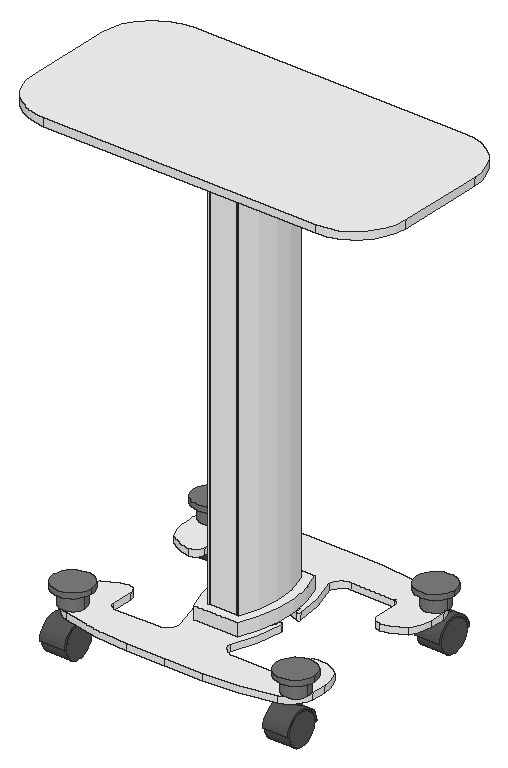
Revit family "Legrand Mini Colonnes clippage direct", category Installations électriques, Revit 2020
Family settings
  Conserver l'orientation des annotations = Non
  Cote de connecteur circulaire = Utiliser le diamètre
  Type d'élément = Normal
  Basée sur le plan de construction = Non
  Toujours verticalement = Oui
  Couper avec des vides une fois chargée = Non
  Partagée = Non
  Point de calcul de pièce = Non
Parameters (values of type "Roll&Plug 2 cpts 0,68M Blanc")
  Visibility Control Table [instance] = and(Tablette, not([4 CPT]))  # yes
  Visibility Control Stand [instance] = and(or(Pieds, Visibility Control Casters), not(Black), not([4 CPT]))  # yes
  Visibility Control Casters [instance] = and(Option Jeux de roulettes, not(Black), not([4 CPT]))  # yes
  Séparateur = if([4 CPT], 125 mm, 34.7 mm)  # 34.7 mm
  Standard = "A clippage direct-ON"
  Offset [instance] = if(Visibility Control Casters, 68 mm, if(Visibility Control Stand, 10 mm, 0 mm))  # 68 mm
  Nombre de compartiments = "2 compartiments"
  Modèle = "LG-653029"
  Matériaux corps = Legrand - Aluminium blanc
  Matériau principal = "Aluminium"
  Matériau couvercle = Legrand - Plastique blanc
  Longueur = if([1 CPT], 82 mm, 125 mm)  # 125 mm
  Largeur = if([4 CPT], 125 mm, 75 mm)  # 75 mm
  Tablette [instance] = yes
  Pieds [instance] = yes
  Option Jeux de roulettes [instance] = yes
  H1 = 680 mm
  HC = H1 - 40 mm  # 640 mm
  Finition = "Blanc"
  Fabricant = "LEGRAND"
  Elévation par défaut = 0 mm
  Description = "roll and plug 2 cpts 0,68m  table Blanc pied roulettes 6pc double usb 4m cordon"
  Column stand = Pied mobile : Pied pour Colonnettes Blanc
  Black = no
  4 CPT = no
  2 CPT = yes
  1 CPT = no
Types (13, lengths in mm): name | Visibility Control Table | Visibility Control Stand | Visibility Control Casters | Séparateur | Offset | Nombre de compartiments | Modèle | Matériaux corps | Matériau principal | Matériau couvercle | Longueur | Largeur | Tablette | Pieds | Option Jeux de roulettes | H1 | HC | Finition | Description | Column stand | Black | 4 CPT | 2 CPT | 1 CPT
  Colonnette 1 cpt 45 0,30M BL | no | no | no | 34.7 | 0 | "1 compartiment" | "LG-653000" | Legrand - Aluminium blanc | "Aluminium" | Legrand - Plastique blanc | 82 | 75 | no | no | no | 300 | 260 | "Blanc" | "Colonnette a clippage direct 1 compartiment 0,30m Blanc" | Pied mobile : Pied pour Colonnettes Blanc | no | no | no | yes
  Colonnette 1 cpt 45 0,30M Noir | no | no | no | 34.7 | 0 | "1 compartiment" | "LG_653002" | Legrand - Aluminium noir | "Aluminium" | Legrand - Plastique noir | 82 | 75 | no | no | no | 300 | 260 | "Noir" | "Colonnette a clippage direct 1 compartiment 0,30m Noir" | Tablette : Table pour Colonnettes T1/2 | yes | no | no | yes
  Colonnette 1 cpt 45 0,68M BL | no | no | no | 34.7 | 0 | "1 compartiment" | "LG-653003" | Legrand - Aluminium blanc | "Aluminium" | Legrand - Plastique blanc | 82 | 75 | no | no | no | 680 | 640 | "Blanc" | "Colonnette a clippage direct 1 compartiment 0,68m Blanc" | Pied mobile : Pied pour Colonnettes Blanc | no | no | no | yes
  Colonnette 1 cpt 45 0,68M Noir | no | no | no | 34.7 | 0 | "1 compartiment" | "LG-653005" | Legrand - Aluminium noir | "Aluminium" | Legrand - Plastique noir | 82 | 75 | no | no | no | 680 | 640 | "Noir" | "Colonnette a clippage direct 1 compartiment 0,68m Noir" | Tablette : Table pour Colonnettes T1/2 | yes | no | no | yes
  Colonnette 2 cpts 45 0,3M BL | no | no | no | 34.7 | 0 | "2 compartiments" | "LG-653020" | Legrand - Plastique blanc | "Plastique" | Legrand - Plastique blanc | 125 | 75 | no | no | no | 300 | 260 | "Blanc" | "Colonnette a clippage direct 2 compartiments 0,30m Blanc" | Pied mobile : Pied pour Colonnettes Blanc | no | no | yes | no
  Colonnette 2 cpts 45 0,3M Noir | no | no | no | 34.7 | 0 | "2 compartiments" | "LG-653022" | Legrand - Aluminium noir | "Aluminium" | Legrand - Plastique noir | 125 | 75 | no | no | no | 300 | 260 | "Noir" | "Colonnette a clippage direct 2 compartiments 0,30m Noir" | Tablette : Table pour Colonnettes T1/2 | yes | no | yes | no
  Colonnette 2 cpts 45 0,68M Blanc | no | no | no | 34.7 | 0 | "2 compartiments" | "LG-653023" | Legrand - Aluminium blanc | "Aluminium" | Legrand - Plastique blanc | 125 | 75 | no | no | no | 380 | 340 | "Blanc" | "Colonnette a clippage direct 2 compartiments 0,68m Blanc" | Pied mobile : Pied pour Colonnettes Blanc | no | no | yes | no
  Colonnette 2 cpt 45 0,68M Noir | no | no | no | 34.7 | 0 | "2 compartiments" | "LG-653025" | Legrand - Aluminium noir | "Aluminium" | Legrand - Plastique noir | 125 | 75 | no | no | no | 680 | 640 | "Noir" | "Colonnette a clippage direct 2 compartiments 0,68m Noir" | Tablette : Table pour Colonnettes T1/2 | yes | no | yes | no
  Colonnette 4 cpts 45 0,30M Blanc | no | no | no | 125 | 0 | "4 compartiments" | "LG-653040" | Legrand - Aluminium blanc | "Aluminium" | Legrand - Plastique blanc | 125 | 125 | no | no | no | 300 | 260 | "Blanc" | "Colonnette a clippage direct 4 compartiments 0,30m Blanc" | Pied mobile : Pied pour Colonnettes Blanc | no | yes | no | no
  Colonnette 4 cpts 45 0,30M Noir | no | no | no | 125 | 0 | "4 compartiments" | "LG-653042" | Legrand - Aluminium noir | "Aluminium" | Legrand - Plastique noir | 125 | 125 | no | no | no | 300 | 260 | "Noir" | "Colonnette a clippage direct 4 compartiments 0,30m Noir" | Tablette : Table pour Colonnettes T1/2 | yes | yes | no | no
  Colonnette 4 cpt 45 0,68M Noir | no | no | no | 125 | 0 | "4 compartiments" | "LG-653045" | Legrand - Aluminium noir | "Aluminium" | Legrand - Plastique noir | 125 | 125 | no | no | no | 680 | 640 | "Noir" | "Colonnette a clippage direct 4 compartiments 0,68m Noir" | Tablette : Table pour Colonnettes T1/2 | yes | yes | no | no
  Colonnette 4 cpts 45 0,68M BL | no | no | no | 125 | 0 | "4 compartiments" | "LG-653043" | Legrand - Aluminium blanc | "Aluminium" | Legrand - Plastique blanc | 125 | 125 | no | no | no | 680 | 640 | "Blanc" | "Colonnette a clippage direct 4 compartiments 0,68m Blanc" | Pied mobile : Pied pour Colonnettes Blanc | no | yes | no | no
  Roll&Plug 2 cpts 0,68M Blanc | yes | yes | yes | 34.7 | 68 | "2 compartiments" | "LG-653029" | Legrand - Aluminium blanc | "Aluminium" | Legrand - Plastique blanc | 125 | 75 | yes | yes | yes | 680 | 640 | "Blanc" | "roll and plug 2 cpts 0,68m  table Blanc pied roulettes 6pc double usb 4m cordon" | Pied mobile : Pied pour Colonnettes Blanc | no | no | yes | no
Reference planes
  plane 1 "Centre (avant/arrière)": y = 0
  plane 2: z = 68
  plane 3 "Centre (gauche/droite)": x = 0
  plane 4: z = 748
  plane 5: x = 37.5
  plane 6: x = -37.5
  plane 7: y = 62.5
  plane 8: y = -62.5
  plane 9: x = -22.539
  plane 10: x = 22.539
  plane 11 "Bas Corps": z = 88
  plane 12 "Haut corps": z = 728
  plane 13: z = 0
  plane 14 "Connecteur": z = 408
Forms (mm)
  Extrusion 1, solid, material "Legrand - Aluminium blanc" <- "Matériaux corps"
    sketch origin (0, 0, 88) x (-1, 0, 0) y (0, -1, 0)
      loop
        arc (25.639, -62.5) -> (37.5, 0) -> (25.639, 62.5) r 170.6
        line (25.639, 62.5) -> (22.539, 62.5) -> (22.539, 17.358) -> (2.539, 17.358) -> (2.539, -17.358) -> (22.539, -17.358) -> (22.539, -62.5) -> (25.639, -62.5)
      loop
        arc (-25.639, 62.5) -> (-37.5, 0) -> (-25.639, -62.5) r 170.6
        line (-25.639, -62.5) -> (-22.539, -62.5) -> (-22.539, -17.358) -> (-2.539, -17.358) -> (-2.539, 17.358) -> (-22.539, 17.358) -> (-22.539, 62.5) -> (-25.639, 62.5)
    from 0 to 640 <- "HC"
  Extrusion 2, solid, material "Legrand - Aluminium blanc" <- "Matériaux corps"
    sketch origin (0, 0, 88) x (-1, 0, 0) y (0, -1, 0)
      loop
        line (2.55, -17.35) -> (2.55, 17.35) -> (-2.55, 17.35) -> (-2.55, -17.35) -> (2.55, -17.35)
    from 0 to 640 <- "HC"
  Extrusion 3, solid, material "Legrand - Plastique blanc" <- "Matériau couvercle"
    sketch origin (0, 0, 0) x (1, 0, 0) y (0, 1, 0)
      loop
        arc (-35.545, 77.5) -> (-52.5, 0) -> (-35.545, -77.5) r 185.6
        line (-35.545, -77.5) -> (35.545, -77.5)
        arc (35.545, -77.5) -> (52.5, 0) -> (35.545, 77.5) r 185.6
        line (35.545, 77.5) -> (-35.545, 77.5)
    from 68 to 88
  Extrusion 4, solid, material "Legrand - Plastique blanc" <- "Matériau couvercle"
    sketch origin (0, 0, 728) x (-1, 0, 0) y (0, -1, 0)
      loop
        arc (26.995, -64.5) -> (39.5, 0) -> (26.995, 64.5) r 172.6
        line (26.995, 64.5) -> (-26.995, 64.5)
        arc (-26.995, 64.5) -> (-39.5, 0) -> (-26.995, -64.5) r 172.6
        line (-26.995, -64.5) -> (26.995, -64.5)
    from 0 to 20
Cuts and joins
  joined: Extrusion 1, Extrusion 2
Dimensions and locks
  "H1": plane 4 to plane 2
  equal spacing: plane 7, plane 1 "Centre (avant/arrière)", plane 8
  equal spacing: plane 6, plane 3 "Centre (gauche/droite)", plane 5
  "Largeur": plane 6 to plane 5
  "Longueur": plane 7 to plane 8
  locked: plane 6 to plane 9 at 14.961
  locked: plane 10 to plane 5 at 14.961
  locked: Extrusion 1 sketch curve to plane 9 at 14.961
  locked: plane 10 to Extrusion 1 sketch curve at 14.961
  Extrusion 1 sketch curve to plane 1 "Centre (avant/arrière)" to Extrusion 1 sketch curve = 17.358 mm locked, 17.358 mm locked
  equal spacing: Extrusion 2 sketch curve, plane 3 "Centre (gauche/droite)", Extrusion 2 sketch curve
  equal spacing: Extrusion 2 sketch curve, plane 1 "Centre (avant/arrière)", Extrusion 2 sketch curve
  "Séparateur": Extrusion 2 sketch curve to Extrusion 2 sketch curve
  locked: Extrusion 2 sketch curve to Extrusion 2 sketch curve at 5.1
  locked: plane 11 "Bas Corps" to plane 2 at 20
  locked: plane 4 to plane 12 "Haut corps" at 20
  locked: Extrusion 3 sketch curve to plane 6 at 15
  Extrusion 3 sketch curve to plane 7 = 15 mm
  locked: Extrusion 3 sketch curve to plane 8 at 15
  locked: plane 5 to Extrusion 3 sketch curve at 15
  locked: Extrusion 4 sketch curve to plane 6 at 2
  locked: plane 5 to Extrusion 4 sketch curve at 2
  locked: Extrusion 4 sketch curve to plane 7 at 2
  locked: plane 8 to Extrusion 4 sketch curve at 2
  "Offset": plane 2 to plane 13
  equal spacing: plane 4, plane 14 "Connecteur", plane 2
  radius of Extrusion 1 sketch curve = 170.6 mm  (x2)
  radius of Extrusion 3 sketch curve = 185.6 mm  (x2)
  radius of Extrusion 4 sketch curve = 172.6 mm  (x2)
  aligned and locked: Extrusion 1 sketch curve to plane 7  (x2)
  aligned and locked: plane 8 to Extrusion 1 sketch curve  (x2)
  aligned and locked: plane 9 to Extrusion 1 sketch curve
  aligned and locked: plane 10 to Extrusion 1 sketch curve
  aligned and locked: nested 1 to Extrusion 1
  aligned and locked: nested 1 to plane 7
  aligned and locked: Extrusion 1 to nested 1
  aligned and locked: nested 2 to plane 7
  aligned and locked: nested 2 to Extrusion 1  (x2)
  aligned and locked: nested 3 to Extrusion 1  (x2)
  aligned and locked: plane 8 to nested 3
  aligned and locked: plane 8 to nested 4
  aligned and locked: nested 4 to Extrusion 1
  aligned and locked: nested 4 to nested 3
  aligned and locked: nested 4 to plane 11 "Bas Corps"
  aligned and locked: nested 3 to plane 11 "Bas Corps"
  aligned and locked: nested 2 to plane 11 "Bas Corps"
  aligned and locked: nested 1 to plane 11 "Bas Corps"
  aligned and locked: plane 11 "Bas Corps" to Extrusion 3
  aligned and locked: plane 4 to Extrusion 4
  aligned and locked: Extrusion 3 to plane 2
  aligned and locked: level to plane 13
Automatic sketch dimensions
  Extrusion 1 sketch curve to plane 10 = 0 mm
  Extrusion 1 sketch curve to plane 9 = 0 mm
  plane 1 "Centre (avant/arrière)" to Extrusion 1 sketch curve = 0 mm  (x2)
  plane 3 "Centre (gauche/droite)" to Extrusion 1 sketch curve = 2.539 mm
  Extrusion 1 sketch curve to plane 3 "Centre (gauche/droite)" = 2.539 mm
  Extrusion 1 sketch curve to plane 1 "Centre (avant/arrière)" = 17.358 mm
  plane 1 "Centre (avant/arrière)" to Extrusion 1 sketch curve = 17.358 mm
  plane 1 "Centre (avant/arrière)" to Extrusion 3 sketch curve = 0 mm  (x2)
  plane 1 "Centre (avant/arrière)" to Extrusion 4 sketch curve = 0 mm  (x2)
Nested families
  nested 1: "Couvercles de Colonne" at (-22.539, 62.5, 88), H1 <- "HC", Matériau <- "Matériau couvercle", type "Couvercles de Colonne"
    with Matériau Legrand - Plastique blanc, L1 45.142 mm, H1 640 mm
  nested 2: "Couvercles de Colonne" at (-22.461, 62.5, 88), visible <- "4 CPT", H1 <- "HC", Matériau <- "Matériau couvercle", type "Couvercles de Colonne"
    with Matériau Legrand - Plastique blanc, L1 45.142 mm, H1 640 mm
  nested 3: "Couvercles de Colonne" at (-22.461, -17.358, 88), visible <- "4 CPT", H1 <- "HC", Matériau <- "Matériau couvercle", type "Couvercles de Colonne"
    with Matériau Legrand - Plastique blanc, L1 45.142 mm, H1 640 mm
  nested 4: "Couvercles de Colonne" at (-22.539, -17.358, 88), H1 <- "HC", Matériau <- "Matériau couvercle", type "Couvercles de Colonne"
    with Matériau Legrand - Plastique blanc, L1 45.142 mm, H1 640 mm
  nested 5: "Tablette" at (0, 0, 748), visible <- "Visibility Control Table", type "Table pour Colonnettes T1/2"
  nested 6: "Pied mobile" at (0.11, -0.11, 68) x (0, -1, 0) z (0, 0, -1), type <- "Column stand", visible <- "Visibility Control Stand", type "Pied pour Colonnettes Blanc"
  nested 7: "Roulette" at (-180.073, -153.848, 0) x (-1, 0, 0) z (0, 0, 1), visible <- "Visibility Control Casters", type "4 roulettes et range cordon"
  nested 8: "Roulette" at (180.073, -153.848, 0) x (-1, 0, 0) z (0, 0, 1), visible <- "Visibility Control Casters", type "4 roulettes et range cordon"
  nested 9: "Roulette" at (-180.073, 153.629, 0) x (-1, 0, 0) z (0, 0, 1), visible <- "Visibility Control Casters", type "4 roulettes et range cordon"
  nested 10: "Roulette" at (180.073, 153.629, 0) x (-1, 0, 0) z (0, 0, 1), visible <- "Visibility Control Casters", type "4 roulettes et range cordon"
Connectors
  electrical at (0, 0, 408)
    settings: index 1, voltage 0 V, apparent load 0 VA, apparent load phase1 0 VA, apparent load phase2 0 VA, apparent load phase3 0 VA, power factor 1, load classification "Autre", number of poles 1, system type 31, power factor state 1, is connector primary yes, connector utility no, sub classification motor no, connector description ""
Definition of nested family "Couvercles de Colonne"
  Parameters (values of type "IDS_COLUMN_COVER")
    Matériau [instance] = none
    L1 [instance] = 187.766 mm
    H1 [instance] = 2660 mm
    Default Elevation = 0 mm
  Reference planes
    plane 1 "Centre (avant/arrière)": y = 0
    plane 2: z = 0
    plane 3 "Centre (gauche/droite)": x = 0
    plane 4: x = 45
    plane 5: y = -187.766
    plane 6: z = 2660
  Forms (mm)
    Extrusion 1, solid, material <- "Matériau"
      sketch origin (0, 0, 0) x (1, 0, 0) y (0, 1, 0)
        loop
          line (0, 0) -> (0, -187.766) -> (45, -187.766) -> (45, 0) -> (0, 0)
      from 0 to 2660
  Dimensions and locks
    plane 3 "Centre (gauche/droite)" to plane 4 = 45 mm
    "L1": plane 5 to plane 1 "Centre (avant/arrière)"
    "H1": plane 6 to plane 2
    aligned and locked: level to plane 2
    aligned and locked: plane 6 to Extrusion 1
  Automatic sketch dimensions
    Extrusion 1 sketch curve to plane 3 "Centre (gauche/droite)" = 0 mm
    Extrusion 1 sketch curve to plane 4 = 0 mm
    Extrusion 1 sketch curve to plane 5 = 0 mm
    plane 1 "Centre (avant/arrière)" to Extrusion 1 sketch curve = 0 mm
Definition of nested family "Tablette"
  Parameters (values of type "IDS_653084")
    Model = "LG-653084"
    Manufacturer = "LEGRAND"
    Default Elevation = 1219.2 mm
    Description = "IDS_DESCRITPION_LG-653084"
  Reference planes
    plane 1 "Centre (avant/arrière)": y = 0
    plane 2: z = 0
    plane 3 "Centre (gauche/droite)": x = 0
  Forms (mm)
    Extrusion 1, solid
      sketch origin (0, 0, 0) x (1, 0, 0) y (0, 1, 0)
        loop
          line (-1219.2, 1219.2) -> (-1219.2, -1219.2) -> (1219.2, -1219.2) -> (1219.2, 1219.2) -> (-1219.2, 1219.2)
      from 0 to -304.8
    Extrusion 2, solid
      sketch origin (0, 0, 0) x (1, 0, 0) y (0, 1, 0)
        loop
          arc (-220, 150) -> (-276.569, 126.569) -> (-300, 70) r 80
          line (-300, 70) -> (-300, -70)
          arc (-300, -70) -> (-276.569, -126.569) -> (-220, -150) r 80
          line (-220, -150) -> (220, -150)
          arc (220, -150) -> (276.569, -126.569) -> (300, -70) r 80
          line (300, -70) -> (300, 70)
          arc (300, 70) -> (276.569, 126.569) -> (220, 150) r 80
          line (220, 150) -> (-220, 150)
      from 0 to 12
  Dimensions and locks
    Extrusion 2 to Extrusion 2 = 600 mm
    Extrusion 2 to Extrusion 2 = 300 mm
    aligned and locked: plane 2 to Extrusion 1
    aligned and locked: level to Extrusion 1
Definition of nested family "Pied mobile"
  Parameters (values of type "IDS_653087")
    Materiau = none
    Default Elevation = 1219.2 mm
  Types (3): name
    (no name)
    IDS_653086
    IDS_653087
  Reference planes
    plane 1 "Centre (avant/arrière)": y = 0
    plane 2: z = 0
    plane 3 "Centre (gauche/droite)": x = 0
    plane 4: y = -200
    plane 5: y = 200
    plane 6: x = -180
    plane 7: x = 180
  Forms (mm)
    Extrusion 1, solid
      sketch origin (0, 0, 0) x (1, 0, 0) y (0, 1, 0)
        loop
          line (-1219.2, 1219.2) -> (-1219.2, -1219.2) -> (1219.2, -1219.2) -> (1219.2, 1219.2) -> (-1219.2, 1219.2)
      from 0 to -304.8
    Extrusion 2, solid, material <- "Materiau"
      sketch origin (0, 0, 0) x (1, 0, 0) y (0, 1, 0)
        loop
          line (-180, 0) -> (-180, -61.189)
          arc (-180, -61.189) -> (-175.417, -115.996) -> (-165, -170) r 513.701
          arc (-165, -170) -> (-153.071, -189.987) -> (-132.058, -200) r 40.162
          line (-132.058, -200) -> (-107.825, -200)
          arc (-107.825, -200) -> (-90.864, -196.802) -> (-75, -190) r 79.091
          arc (-75, -190) -> (-65.429, -173.295) -> (-60.467, -154.692) r 74.359
          arc (-60.467, -154.692) -> (-64.771, -144.303) -> (-75.16, -140) r 14.692
          line (-75.16, -140) -> (-110, -140)
          arc (-110, -140) -> (-117.071, -137.071) -> (-120, -130) r 10
          line (-120, -130) -> (-120, -60.561)
          arc (-120, -60.561) -> (-114.142, -46.419) -> (-100, -40.561) r 20
          arc (-100, -40.561) -> (-60.66, -53.386) -> (-19.784, -59.807) r 260
          arc (-19.784, -59.807) -> (-16.958, -58.636) -> (-16.06, -55.711) r 3.591
          line (-16.06, -55.711) -> (-31.638, -12.913)
          arc (-31.638, -12.913) -> (-29.417, -0.22) -> (-17.905, 5.568) r 14.343
          line (-17.905, 5.568) -> (17.905, 5.568)
          arc (17.905, 5.568) -> (29.417, -0.22) -> (31.638, -12.913) r 14.343
          line (31.638, -12.913) -> (16.06, -55.711)
          arc (16.06, -55.711) -> (16.958, -58.636) -> (19.784, -59.807) r 3.591
          arc (19.784, -59.807) -> (60.66, -53.386) -> (100, -40.561) r 260
          arc (100, -40.561) -> (114.142, -46.419) -> (120, -60.561) r 20
          line (120, -60.561) -> (120, -130)
          arc (120, -130) -> (117.071, -137.071) -> (110, -140) r 10
          line (110, -140) -> (75.16, -140)
          arc (75.16, -140) -> (64.771, -144.303) -> (60.467, -154.692) r 14.692
          arc (60.467, -154.692) -> (65.429, -173.295) -> (75, -190) r 74.359
          arc (75, -190) -> (90.864, -196.802) -> (107.825, -200) r 79.091
          line (107.825, -200) -> (132.058, -200)
          arc (132.058, -200) -> (153.071, -189.987) -> (165, -170) r 40.162
          arc (165, -170) -> (175.417, -115.996) -> (180, -61.189) r 513.701
          line (180, -61.189) -> (180, 0) -> (180, 61.189)
          arc (180, 61.189) -> (175.417, 115.996) -> (165, 170) r 513.701
          arc (165, 170) -> (148.307, 193.71) -> (120, 200) r 40.162
          arc (120, 200) -> (96.755, 198.351) -> (75, 190) r 79.091
          arc (75, 190) -> (65.429, 173.295) -> (60.467, 154.692) r 74.359
          arc (60.467, 154.692) -> (64.771, 144.303) -> (75.16, 140) r 14.692
          line (75.16, 140) -> (110, 140)
          arc (110, 140) -> (117.071, 137.071) -> (120, 130) r 10
          line (120, 130) -> (120, 60.561)
          arc (120, 60.561) -> (114.142, 46.419) -> (100, 40.561) r 20
          arc (100, 40.561) -> (0, 60.561) -> (-100, 40.561) r 260
          arc (-100, 40.561) -> (-114.142, 46.419) -> (-120, 60.561) r 20
          line (-120, 60.561) -> (-120, 130)
          arc (-120, 130) -> (-117.071, 137.071) -> (-110, 140) r 10
          line (-110, 140) -> (-75.16, 140)
          arc (-75.16, 140) -> (-64.771, 144.303) -> (-60.467, 154.692) r 14.692
          arc (-60.467, 154.692) -> (-65.429, 173.295) -> (-75, 190) r 74.359
          arc (-75, 190) -> (-96.755, 198.351) -> (-120, 200) r 79.091
          arc (-120, 200) -> (-148.307, 193.71) -> (-165, 170) r 40.162
          arc (-165, 170) -> (-175.417, 115.996) -> (-180, 61.189) r 513.701
          line (-180, 61.189) -> (-180, 0)
      from 0 to 10
    Extrusion 3, void
      sketch origin (0, 0, 0) x (1, 0, 0) y (0, 1, 0)
        loop
          circle (141.373, -180.262) r 5
        loop
          circle (-141.373, -180.262) r 5
        loop
          circle (141.373, 180.262) r 5
        loop
          circle (-141.373, 180.262) r 5
      from 0 to 10
    Extrusion 4, void
      sketch origin (0, 0, 0) x (1, 0, 0) y (0, 1, 0)
        loop
          circle (-24.029, -51.565) r 2.527
        loop
          circle (24.029, -51.565) r 2.527
        loop
          circle (-29.084, 51.565) r 2.527
        loop
          circle (29.084, 51.565) r 2.527
      from 0 to 10
  Cuts and joins
    Extrusion 3, Extrusion 4 cuts Extrusion 2
  Dimensions and locks
    plane 5 to plane 4 = 400 mm
    plane 6 to plane 7 = 360 mm
    aligned and locked: plane 2 to Extrusion 1
    aligned and locked: level to Extrusion 1
Definition of nested family "Roulette"
  Parameters (values of type "Roulette")
    Model = "LG-653088"
    Manufacturer = "LEGRAND"
    Default Elevation = 0 mm
    Description = "IDS_DESCRITPION_LG-653088"
  Reference planes
    plane 1 "Centre (avant/arrière)": y = 0
    plane 2: z = 0
    plane 3 "Centre (gauche/droite)": x = 0
  Forms (mm)
    Extrusion 1, solid
      sketch origin (0, 167.844, 41.5) x (0, 1, 0) y (0, 0, 1)
        loop
          circle (-167.847, -16.5) r 25
      from -20 to 20
    Sweep 2, solid
      path origin (0, 167.844, 43.862) x (0, 1, 0) y (0, 0, 1)
        loop
          arc (-140.847, -18.5) -> (-167.847, 8.5) -> (-194.847, -18.5) r 27
      profile origin (0, -0.003, 52.362) x (0, 0, -1) y (1, 0, 0)
        loop
          line (0, -20) -> (0, 20) -> (-2, 20) -> (-2, -20) -> (0, -20)
    Extrusion 3, solid
      sketch origin (134.69, 165.347, 0) x (1, 0, 0) y (0, 1, 0)
        loop
          circle (-134.69, -177.847) r 8
      from 39.162 to 68
    Extrusion 4, solid
      sketch origin (134.69, 155.347, 28) x (1, 0, 0) y (0, 1, 0)
        loop
          circle (-134.69, -167.847) r 20
      from 40 to 64
    Extrusion 5, solid
      sketch origin (134.69, 155.347, 40) x (1, 0, 0) y (0, 1, 0)
        loop
          circle (-134.69, -167.847) r 30
      from 52 to 60
  Dimensions and locks
    aligned and locked: level to plane 2
